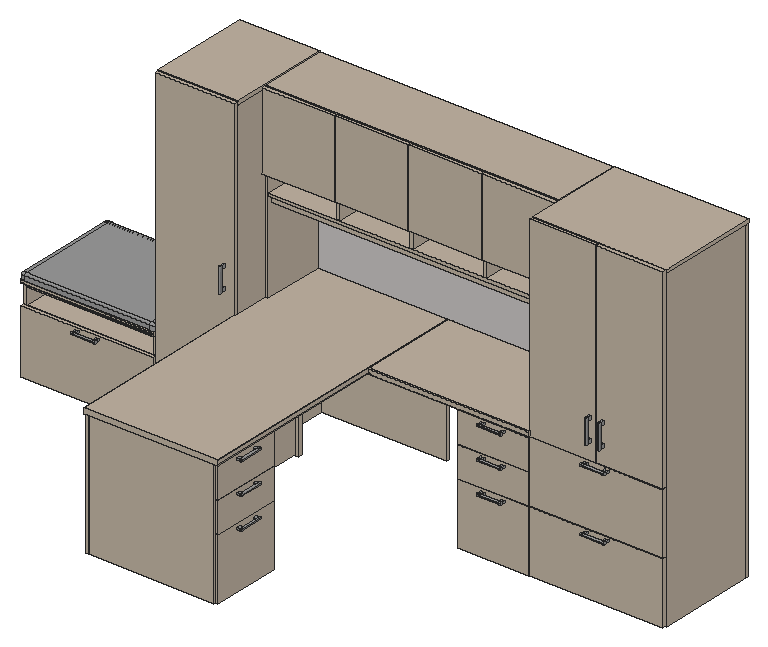
Revit family "JSI-Vision-Typical_Laminate-VST103", category Furniture, Revit 2020 (continued)
Definition of nested family "JSI-Vision-Open_Shelf_File_Modular_Bench_Pedestal"
  Forms (ft)
    Extrusion 7, solid, material <- "Chassis"
      from 0.0625 to 1.427167
  Lines and regions (ft)
    symbolic lines
      curve 1: line (0, 0, 0) -> (1.5, 0, 0)
      curve 2: line (0, -1.426667, 0) -> (0, 0, 0)
      curve 3: line (1.5, -1.426667, 0) -> (0, -1.426667, 0)
      curve 4: line (1.5, 0, 0) -> (1.5, -1.426667, 0)
      curve 5: line (0.015597, -1.4375, 0) -> (1.48437, -1.4375, 0)
      curve 6: line (0.015597, -1.5, 0) -> (0.015597, -1.4375, 0)
      curve 7: line (1.48437, -1.5, 0) -> (0.015597, -1.5, 0)
      curve 8: line (1.48437, -1.4375, 0) -> (1.48437, -1.5, 0)
  Dimensions and locks (ft)
    plane 14 to plane 5 to plane 6 to plane 9 = 0.061739 ft locked, 0.010833 ft locked, 0.0625 ft locked
    "Depth": plane 1 "Center Front/Back" to plane 9
    locked: plane 17 to plane 16 at 0.009092
    plane 12 to plane 8 to plane 4 = 0.057203 ft locked, 0.01563 ft locked
    plane 3 "Center Left/Right" to plane 7 to plane 11 = 0.015597 ft locked, 0.046903 ft locked
    "Width": plane 3 "Center Left/Right" to plane 4
    equal spacing: plane 3 "Center Left/Right", plane 15, plane 4
    locked: plane 1 "Center Front/Back" to plane 13 at 0.067708
    locked: plane 18 to plane 17 at 0.0625
    "Height": level to plane 17
    locked: Extrusion 4 sketch curve to plane 2 at 0.011667
    locked: Extrusion 4 to nested 1 at 0.0625
    aligned and locked: level to plane 2
    aligned and locked: plane 13 to Extrusion 1 sketch curve
    aligned and locked: plane 13 to Extrusion 2 sketch curve
    aligned and locked: Extrusion 2 sketch curve to plane 5
    aligned and locked: Extrusion 2 sketch curve to level
    aligned and locked: plane 11 to Extrusion 2
    aligned and locked: Extrusion 3 sketch curve to plane 13
    aligned and locked: level to Extrusion 3 sketch curve
    aligned and locked: plane 5 to Extrusion 3 sketch curve
    aligned and locked: Extrusion 4 sketch curve to plane 7
    aligned and locked: plane 8 to Extrusion 4 sketch curve
    aligned and locked: Extrusion 4 to plane 9
    aligned and locked: plane 6 to Extrusion 4
    aligned and locked: Extrusion 5 sketch curve to plane 14
    aligned and locked: plane 11 to Extrusion 5 sketch curve
    aligned and locked: nested 1 to plane 9
    aligned and locked: nested 1 to plane 15
    aligned and locked: plane 15 to nested 2
    aligned and locked: nested 2 to plane 9
    aligned and locked: plane 16 to Extrusion 3
    aligned and locked: plane 16 to Extrusion 2
    aligned and locked: plane 16 to Extrusion 1
    aligned and locked: Extrusion 1 to plane 1 "Center Front/Back"
    aligned and locked: Extrusion 2 to plane 3 "Center Left/Right"
    aligned and locked: plane 3 "Center Left/Right" to curve 2
    aligned and locked: Extrusion 1 to plane 3 "Center Left/Right"
    aligned and locked: plane 1 "Center Front/Back" to curve 1
    aligned and locked: plane 4 to Extrusion 1
    aligned and locked: plane 4 to Extrusion 3
    aligned and locked: curve 4 to plane 4
    aligned and locked: Extrusion 3 to plane 12
    aligned and locked: plane 13 to Extrusion 7 sketch curve
    aligned and locked: Extrusion 7 sketch curve to plane 5
    aligned and locked: Extrusion 7 to plane 11
    aligned and locked: plane 12 to Extrusion 7
    aligned and locked: plane 18 to Extrusion 6
    aligned and locked: plane 13 to Extrusion 6
    aligned and locked: Extrusion 6 to plane 5
    aligned and locked: Extrusion 6 to plane 11
    aligned and locked: plane 12 to Extrusion 6
    aligned and locked: plane 16 to Extrusion 6
  Automatic sketch dimensions
    Extrusion 5 sketch curve to plane 5 = 0.000 ft
    Extrusion 5 sketch curve to plane 12 = 0.000 ft
    plane 1 "Center Front/Back" to Extrusion 1 sketch curve = 0.000 ft
    plane 7 to Extrusion 1 sketch curve = 0.015597 ft
    curve 6 to plane 6 = 0.000 ft
    curve 6 to plane 7 = 0.000 ft
    curve 5 to plane 8 = 0.000 ft
    curve 6 to plane 9 = 0.000 ft
    curve 2 to plane 5 = 0.000 ft
    Extrusion 1 sketch curve to plane 8 = 0.01563 ft
    plane 9 to Extrusion 6 sketch curve = 0.073333 ft
    plane 1 "Center Front/Back" to Extrusion 6 sketch curve = 0.067708 ft
    Extrusion 6 sketch curve to plane 16 = 0.071592 ft
    Extrusion 2 sketch curve to plane 16 = 0.000 ft
    Extrusion 3 sketch curve to plane 16 = 0.000 ft
    Extrusion 6 sketch curve to plane 16 = 0.000 ft
    plane 18 to Extrusion 4 sketch curve = 0.298724 ft
    plane 18 to Extrusion 7 sketch curve = 0.361224 ft
    Extrusion 7 sketch curve to Extrusion 7 sketch curve = 0.0625 ft
  Nested families (ft)
    nested 1: "Bar Pull" at (0.75, -1.5, 1.138776), Pull Finish <- "Pull Finish", type "PL"
      with Pull Finish none
    nested 2: "Label 1-16" at (0.75, -1.5, 0), type "DRWCFG"
  Definition of nested family "Bar Pull"
    Parameters
      Pull Finish [instance] = none
      Default Elevation = 0.000 ft
    Reference planes (ft)
      plane 1 "Center Front/Back": y = 0
      plane 2: z = 0
      plane 3 "Center Left/Right": x = 0
      plane 4: x = -0.223942
      plane 5: x = -0.157276
      plane 6: x = 0.223942
      plane 7: x = 0.157276
      plane 8: y = -0.083333
      plane 9: y = -0.071002
    Forms (ft)
      Extrusion 1, solid, material <- "Pull Finish"
        sketch origin (0, 0, 0) x (0, 1, 0) y (0, 0, 1)
          loop
            line (0, -0.016792) -> (0, 0.016792) -> (-0.071002, 0.016792)
            arc (-0.071002, 0.016792) -> (-0.0625, 0) -> (-0.071002, -0.016792) r 0.020833
            line (-0.071002, -0.016792) -> (0, -0.016792)
        from 0.157276 to 0.223942
      Extrusion 2, solid, material <- "Pull Finish"
        sketch origin (0, 0, 0) x (0, 1, 0) y (0, 0, 1)
          loop
            circle (-0.083333, 0) r 0.020833
        from -0.223942 to 0.223942
      Extrusion 3, solid, material <- "Pull Finish"
        sketch origin (0, 0, 0) x (0, 1, 0) y (0, 0, -1)
          loop
            line (0, 0.016792) -> (-0.071002, 0.016792)
            arc (-0.071002, 0.016792) -> (-0.0625, 0) -> (-0.071002, -0.016792) r 0.020833
            line (-0.071002, -0.016792) -> (0, -0.016792) -> (0, 0.016792)
        from 0.157276 to 0.223942
    Dimensions and locks (ft)
      plane 4 to plane 5 to plane 3 "Center Left/Right" to plane 7 to plane 6 = 0.066667 ft locked, 0.157276 ft locked, 0.157276 ft locked, 0.066667 ft locked
      plane 8 to plane 9 to plane 1 "Center Front/Back" = 0.012332 ft locked, 0.071002 ft locked
      aligned and locked: level to plane 2
      aligned and locked: plane 4 to Extrusion 3
      aligned and locked: Extrusion 3 to plane 5
      aligned and locked: plane 4 to Extrusion 2
      aligned and locked: Extrusion 1 to plane 7
      aligned and locked: plane 6 to Extrusion 1
      aligned and locked: plane 6 to Extrusion 2
      aligned and locked: plane 8 to Extrusion 2 sketch curve
      aligned and locked: Extrusion 3 to plane 1 "Center Front/Back"
      aligned and locked: Extrusion 1 to plane 1 "Center Front/Back"
      aligned and locked: plane 5 to Extrusion 3
      aligned and locked: Extrusion 3 to plane 4
      aligned and locked: Extrusion 2 to plane 4
      aligned and locked: plane 7 to Extrusion 1
      aligned and locked: Extrusion 1 to plane 6
      aligned and locked: Extrusion 2 to plane 6
  Definition of nested family "Label 1-16"
    Parameters
      Width = 0.083333 ft
      Model Name = "FF"
    Reference planes (ft)
      plane 1: y = 0
      plane 2: x = 0
    Text (ft)
      label "XX" at (0.000042, -0.01027, 0), shows "Model Name"
Definition of nested family "JSI-Vision-Bench_Height_Modular_Top"
  Parameters (values of type "Type Catalog")
    Worksurface = none
    Width = 3.500 ft
    URL = "www.jsifurniture.com"
    Type Comments = ""
    Series = "Vision Casegoods"  # constant formula
    Model = "Type Catalog"
    Material = ""
    Manufacturer = "JSI"  # constant formula
    Keynote = "12500"  # constant formula
    JSI Enviromental Website = "http://www.jsifurniture.com/jsi_sustainability_intro.php"
    Height = 0.0625 ft
    Description = "Type Catalog"
    Depth = 2.500 ft
    Default Elevation = 0.000 ft
    Assembly Code = "E2020200"
  Reference planes (ft)
    plane 1 "Center Front/Back": y = 0
    plane 2: z = 0
    plane 3 "Center Left/Right": x = 0
    plane 4: z = 0
    plane 5: x = 3.5
    plane 6: y = -2.5
    plane 7: z = 1.6875
    plane 8: z = 1.625
  Forms (ft)
    Extrusion 1, solid, material <- "Worksurface"
      sketch origin (0, 0, 2.333333) x (0, 1, 0) y (0, 0, 1)
        loop
          line (-2.490157, -0.708333) -> (0, -0.708333) -> (0, -0.645833) -> (-2.490157, -0.645833)
          arc (-2.490157, -0.645833) -> (-2.497117, -0.648716) -> (-2.5, -0.655676) r 0.009843
          line (-2.5, -0.655676) -> (-2.5, -0.698491)
          arc (-2.5, -0.698491) -> (-2.497117, -0.705451) -> (-2.490157, -0.708333) r 0.009843
      from 0 to 3.5
  Lines and regions (ft)
    symbolic lines
      curve 1: line (0, 0, 0) -> (3.5, 0, 0)
      curve 2: line (0, -2.5, 0) -> (0, 0, 0)
      curve 3: line (3.5, -2.5, 0) -> (0, -2.5, 0)
      curve 4: line (3.5, 0, 0) -> (3.5, -2.5, 0)
  Dimensions and locks (ft)
    "Depth": plane 6 to plane 1 "Center Front/Back"
    "Width": plane 5 to plane 3 "Center Left/Right"
    "Height": plane 7 to plane 8
    locked: plane 8 to plane 4 at 1.625
    aligned and locked: level to plane 2
    aligned and locked: plane 5 to Extrusion 1
    aligned and locked: curve 1 to Extrusion 1
    aligned and locked: curve 2 to Extrusion 1
    aligned and locked: plane 6 to curve 3
    aligned and locked: curve 4 to plane 5
    aligned and locked: Extrusion 1 to plane 8
    aligned and locked: Extrusion 1 to plane 7
  Automatic sketch dimensions
    Extrusion 1 sketch curve to plane 6 = 0.000 ft
    level to Extrusion 1 sketch curve = 1.625 ft
    Extrusion 1 sketch curve to plane 7 = 0.000 ft
    Extrusion 1 sketch curve to plane 1 "Center Front/Back" = 0.000 ft
    Extrusion 1 sketch curve to Extrusion 1 sketch curve = 0.009843 ft
    plane 6 to Extrusion 1 sketch curve = 0.009843 ft
Definition of nested family "JSI-Vision-Modular_Full_Height_Back_Modular_Pedestal"
  Parameters (values of type "VSV1628MPBK, Modular Full Height Back Panel for Modular Pedestal- Veneer")
    Panel Finish = none
    Width = 1.333333 ft
    URL = "www.jsifurniture.com"
    Type Comments = ""
    Series = "Vision Casegoods"  # constant formula
    Model = "VSV1628MPBK"
    Material = ""
    Manufacturer = "JSI"  # constant formula
    Keynote = "12500"  # constant formula
    JSI Enviromental Website = "http://www.jsifurniture.com/jsi_sustainability_intro.php"
    Height = 2.333333 ft
    Description = "Modular Full Height Back Panel for Modular Pedestal- Veneer"
    Depth = 0.0625 ft
    Default Elevation = 0.000 ft
    Assembly Code = "E2020200"
  Types (4, lengths in ft): name | Width | Model | Description
    VST1628MPBK, Modular Full Height Back Panel for Modular Pedestal- Laminate | 1.333333 | "VST1628MPBK" | "Modular Full Height Back Panel for Modular Pedestal- Laminate"
    VST3628MPBK, Modular Full Height Back Panel for Modular Pedestal- Laminate | 2.989583 | "VST3628MPBK" | "Modular Full Height Back Panel for Modular Pedestal- Laminate"
    VSV1628MPBK, Modular Full Height Back Panel for Modular Pedestal- Veneer | 1.333333 | "VSV1628MPBK" | "Modular Full Height Back Panel for Modular Pedestal- Veneer"
    VSV3628MPBK, Modular Full Height Back Panel for Modular Pedestal- Veneer | 2.989583 | "VSV3628MPBK" | "Modular Full Height Back Panel for Modular Pedestal- Veneer"
  Reference planes (ft)
    plane 1 "Center Front/Back": y = 0
    plane 2: z = 0
    plane 3 "Center Left/Right": x = 0
    plane 4: z = 2.333333
    plane 5: x = 1.333333
    plane 6: y = -0.0625
  Forms (ft)
    Extrusion 1, solid, material <- "Panel Finish"
      sketch origin (0, 0, 0) x (1, 0, 0) y (0, 1, 0)
        loop
          line (0, 0) -> (0, -0.0625) -> (1.333333, -0.0625) -> (1.333333, 0) -> (0, 0)
      from 0 to 2.333333
  Lines and regions (ft)
    symbolic lines
      curve 1: line (0, 0, 0) -> (1.333333, 0, 0)
      curve 2: line (0, -0.0625, 0) -> (0, 0, 0)
      curve 3: line (1.333333, -0.0625, 0) -> (0, -0.0625, 0)
      curve 4: line (1.333333, 0, 0) -> (1.333333, -0.0625, 0)
  Dimensions and locks (ft)
    "Width": plane 3 "Center Left/Right" to plane 5
    "Depth": plane 1 "Center Front/Back" to plane 6
    "Height": plane 4 to plane 2
    aligned and locked: level to plane 2
    aligned and locked: plane 3 "Center Left/Right" to Extrusion 1 sketch curve
    aligned and locked: Extrusion 1 sketch curve to plane 5
    aligned and locked: plane 6 to Extrusion 1 sketch curve
    aligned and locked: plane 1 "Center Front/Back" to Extrusion 1 sketch curve
    aligned and locked: plane 4 to Extrusion 1
    aligned and locked: plane 3 "Center Left/Right" to curve 2
    aligned and locked: curve 4 to plane 5
    aligned and locked: plane 1 "Center Front/Back" to curve 1
    aligned and locked: plane 6 to curve 3
